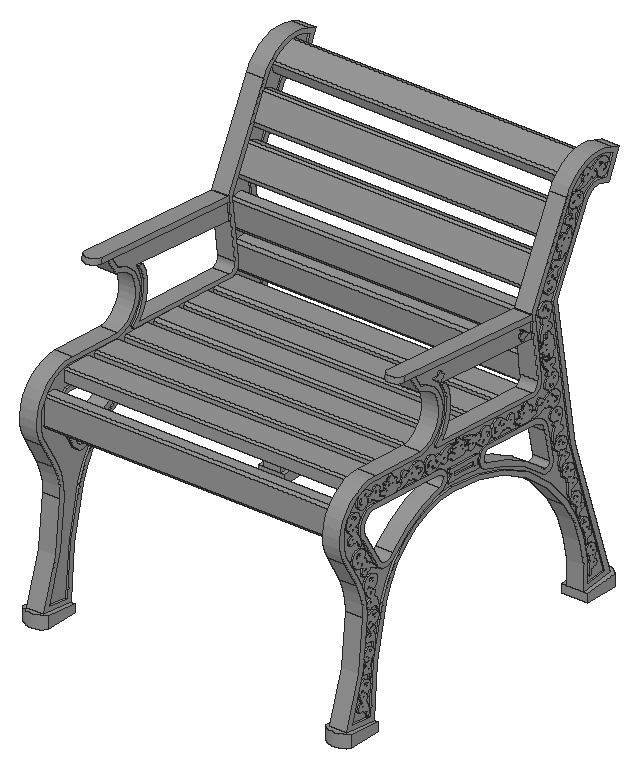
Revit family "Скамейка чугунная «Ретро стиль»", category Мебель, Revit 2017 (continued)
Definition of nested family "Опора"
  Forms (mm)
    Extrusion 7, solid, material <- "Материал"
      sketch origin (0, 0, 0) x (0, 1, 0) y (0, 0, 1)
        loop
          spline (-368.822, 241.557) -> (-368.698, 242.096) -> (-368.538, 242.623) -> (-368.342, 243.135) -> (-368.112, 243.63) -> (-367.848, 244.106) -> (-367.553, 244.559) -> (-367.227, 244.986) -> (-366.872, 245.387) -> (-366.492, 245.758) -> (-366.086, 246.098) -> (-365.658, 246.405) -> (-365.21, 246.677)
          spline (-365.21, 246.677) -> (-364.389, 247.226) -> (-363.66, 247.907) -> (-363.04, 248.704) -> (-362.546, 249.598) -> (-362.188, 250.566) -> (-361.977, 251.584) -> (-361.917, 252.627) -> (-362.009, 253.669) -> (-362.252, 254.685) -> (-362.64, 255.65) -> (-363.162, 256.539) -> (-363.806, 257.33)
          spline (-363.806, 257.33) -> (-362.718, 258.496) -> (-361.425, 259.389) -> (-359.984, 259.969) -> (-358.459, 260.21) -> (-356.916, 260.103) -> (-355.424, 259.652) -> (-354.049, 258.876) -> (-352.851, 257.811) -> (-351.883, 256.502) -> (-351.188, 255.008) -> (-350.796, 253.394) -> (-350.725, 251.732)
          spline (-350.725, 251.732) -> (-350.936, 250.8) -> (-351.437, 250.011) -> (-352.166, 249.465) -> (-353.029, 249.23) -> (-353.918, 249.338) -> (-354.72, 249.773) -> (-355.332, 250.481) -> (-355.678, 251.373) -> (-355.713, 252.334) -> (-355.433, 253.243) -> (-354.873, 253.986) -> (-354.105, 254.466)
          spline (-354.105, 254.466) -> (-355.359, 254.5) -> (-356.593, 254.278) -> (-357.764, 253.808) -> (-358.828, 253.108) -> (-359.748, 252.203) -> (-360.49, 251.126) -> (-361.029, 249.914) -> (-361.344, 248.611) -> (-361.424, 247.266) -> (-361.267, 245.924) -> (-360.878, 244.636) -> (-360.271, 243.447)
          spline (-360.271, 243.447) -> (-359.515, 242.408) -> (-358.634, 241.489) -> (-357.645, 240.709) -> (-356.567, 240.081) -> (-355.421, 239.618) -> (-354.228, 239.329) -> (-353.012, 239.219) -> (-351.796, 239.291) -> (-350.603, 239.543) -> (-349.455, 239.97) -> (-348.375, 240.564) -> (-347.383, 241.313)
          spline (-347.383, 241.313) -> (-346.218, 242.492) -> (-345.224, 243.841) -> (-344.421, 245.33) -> (-343.825, 246.931) -> (-343.449, 248.609) -> (-343.301, 250.332) -> (-343.382, 252.062) -> (-343.693, 253.765) -> (-344.226, 255.406) -> (-344.971, 256.951) -> (-345.911, 258.368) -> (-347.029, 259.628)
          spline (-347.029, 259.628) -> (-348.724, 261.075) -> (-350.584, 262.262) -> (-352.574, 263.168) -> (-354.657, 263.774) -> (-356.793, 264.07) -> (-358.944, 264.05) -> (-361.068, 263.715) -> (-363.126, 263.071) -> (-365.081, 262.13) -> (-366.894, 260.909) -> (-368.533, 259.432) -> (-369.967, 257.725)
        loop
          spline (-341.64, 194.466) -> (-342.744, 196.12) -> (-344.052, 197.591) -> (-345.541, 198.851) -> (-347.181, 199.878) -> (-348.943, 200.651) -> (-350.794, 201.156) -> (-352.698, 201.384) -> (-354.622, 201.332) -> (-356.528, 200.998) -> (-358.381, 200.391) -> (-360.147, 199.521) -> (-361.792, 198.404)
          spline (-361.792, 198.404) -> (-362.921, 197.422) -> (-363.951, 196.323) -> (-364.872, 195.117) -> (-365.674, 193.819) -> (-366.348, 192.443) -> (-366.887, 191.003) -> (-367.284, 189.515) -> (-367.536, 187.994) -> (-367.639, 186.459) -> (-367.593, 184.925) -> (-367.399, 183.409) -> (-367.057, 181.927)
          spline (-367.057, 181.927) -> (-366.616, 180.443) -> (-366.139, 178.973) -> (-365.625, 177.518) -> (-365.076, 176.078) -> (-364.491, 174.656) -> (-363.872, 173.252) -> (-363.218, 171.867) -> (-362.529, 170.501) -> (-361.808, 169.157) -> (-361.052, 167.834) -> (-360.265, 166.533) -> (-359.445, 165.257)
          spline (-359.445, 165.257) -> (-360.29, 165.534) -> (-361.161, 165.704) -> (-362.049, 165.764) -> (-362.939, 165.713) -> (-363.821, 165.552) -> (-364.682, 165.283) -> (-365.512, 164.909) -> (-366.297, 164.436) -> (-367.029, 163.87) -> (-367.697, 163.218) -> (-368.293, 162.49) -> (-368.807, 161.696)
          spline (-368.807, 161.696) -> (-369.387, 160.622) -> (-369.734, 159.444) -> (-369.831, 158.221) -> (-369.673, 157.012) -> (-369.268, 155.878) -> (-368.636, 154.876) -> (-367.809, 154.055) -> (-366.827, 153.457) -> (-365.74, 153.11) -> (-364.601, 153.032) -> (-363.467, 153.228) -> (-362.395, 153.686)
          spline (-362.395, 153.686) -> (-362.094, 154.366) -> (-361.893, 155.084) -> (-361.796, 155.824) -> (-361.807, 156.568) -> (-361.925, 157.298) -> (-362.146, 157.997) -> (-362.467, 158.648) -> (-362.878, 159.235) -> (-363.37, 159.745) -> (-363.933, 160.165) -> (-364.551, 160.486) -> (-365.211, 160.699)
          spline (-365.211, 160.699) -> (-364.532, 161.304) -> (-363.787, 161.808) -> (-362.989, 162.204) -> (-362.151, 162.484) -> (-361.289, 162.642) -> (-360.419, 162.677) -> (-359.555, 162.587) -> (-358.714, 162.374) -> (-357.909, 162.042) -> (-357.156, 161.597) -> (-356.468, 161.047) -> (-355.857, 160.401)
          spline (-355.857, 160.401) -> (-357.029, 160.345) -> (-358.155, 159.965) -> (-359.16, 159.288) -> (-359.975, 158.361) -> (-360.543, 157.246) -> (-360.827, 156.019) -> (-360.807, 154.764) -> (-360.484, 153.567) -> (-359.881, 152.509) -> (-359.038, 151.662) -> (-358.013, 151.084) -> (-356.876, 150.814)
          spline (-356.876, 150.814) -> (-356.978, 151.154) -> (-356.998, 151.514) -> (-356.933, 151.869) -> (-356.788, 152.199) -> (-356.572, 152.482) -> (-356.299, 152.7) -> (-355.986, 152.841) -> (-355.652, 152.894) -> (-355.319, 152.858) -> (-355.006, 152.733) -> (-354.735, 152.528) -> (-354.522, 152.256)
          spline (-354.522, 152.256) -> (-353.955, 151.132) -> (-353.432, 149.984) -> (-352.955, 148.811) -> (-352.524, 147.618) -> (-352.14, 146.404) -> (-351.804, 145.173) -> (-351.517, 143.927) -> (-351.278, 142.668) -> (-351.088, 141.398) -> (-350.948, 140.118) -> (-350.857, 138.833) -> (-350.817, 137.542)
          line (-350.817, 137.542) -> (-350.01, 137.2)
          spline (-350.01, 137.2) -> (-349.172, 139.732) -> (-348.528, 142.323) -> (-348.082, 144.956) -> (-347.836, 147.613) -> (-347.794, 150.276) -> (-347.954, 152.928) -> (-348.316, 155.551) -> (-348.877, 158.128) -> (-349.634, 160.641) -> (-350.581, 163.074) -> (-351.713, 165.41) -> (-353.021, 167.634)
          spline (-353.021, 167.634) -> (-353.101, 168.001) -> (-353.082, 168.381) -> (-352.967, 168.743) -> (-352.765, 169.06) -> (-352.49, 169.308) -> (-352.165, 169.467) -> (-351.814, 169.526) -> (-351.464, 169.479) -> (-351.142, 169.331) -> (-350.873, 169.093) -> (-350.678, 168.783) -> (-350.571, 168.424)
          spline (-350.571, 168.424) -> (-349.779, 169.255) -> (-349.244, 170.291) -> (-349.014, 171.442) -> (-349.107, 172.605) -> (-349.517, 173.678) -> (-350.207, 174.565) -> (-351.115, 175.187) -> (-352.162, 175.491) -> (-353.254, 175.448) -> (-354.295, 175.063) -> (-355.193, 174.369) -> (-355.869, 173.429)
          spline (-355.869, 173.429) -> (-356.289, 172.821) -> (-356.838, 172.344) -> (-357.478, 172.032) -> (-358.168, 171.904) -> (-358.86, 171.97) -> (-359.508, 172.225) -> (-360.068, 172.652) -> (-360.503, 173.223) -> (-360.783, 173.898) -> (-360.889, 174.632) -> (-360.815, 175.377) -> (-360.566, 176.081)
          spline (-360.566, 176.081) -> (-360.318, 176.49) -> (-360.01, 176.849) -> (-359.65, 177.148) -> (-359.249, 177.377) -> (-358.82, 177.53) -> (-358.374, 177.602) -> (-357.925, 177.591) -> (-357.487, 177.497) -> (-357.073, 177.324) -> (-356.695, 177.075) -> (-356.365, 176.759) -> (-356.091, 176.386)
          line (-356.091, 176.386) -> (-355.452, 177.077)
          spline (-355.452, 177.077) -> (-355.436, 178.055) -> (-355.584, 179.016) -> (-355.891, 179.927) -> (-356.347, 180.761) -> (-356.937, 181.489) -> (-357.642, 182.089) -> (-358.44, 182.54) -> (-359.304, 182.828) -> (-360.207, 182.944) -> (-361.119, 182.885) -> (-362.011, 182.651) -> (-362.854, 182.251)
          spline (-362.854, 182.251) -> (-363.132, 182.125) -> (-363.426, 182.064) -> (-363.724, 182.071) -> (-364.012, 182.145) -> (-364.277, 182.283) -> (-364.507, 182.479) -> (-364.692, 182.724) -> (-364.824, 183.007) -> (-364.896, 183.315) -> (-364.905, 183.634) -> (-364.851, 183.949) -> (-364.736, 184.248)
          spline (-364.736, 184.248) -> (-364.499, 184.68) -> (-364.233, 185.094) -> (-363.941, 185.486) -> (-363.623, 185.855) -> (-363.281, 186.199) -> (-362.917, 186.516) -> (-362.534, 186.804) -> (-362.132, 187.062) -> (-361.715, 187.288) -> (-361.285, 187.481) -> (-360.843, 187.641) -> (-360.392, 187.765)
          spline (-360.392, 187.765) -> (-359.554, 188.037) -> (-358.763, 188.445) -> (-358.037, 188.979) -> (-357.396, 189.626) -> (-356.854, 190.37) -> (-356.425, 191.192) -> (-356.12, 192.073) -> (-355.946, 192.99) -> (-355.908, 193.921) -> (-356.006, 194.843) -> (-356.239, 195.733) -> (-356.599, 196.569)
          spline (-356.599, 196.569) -> (-355.382, 197.305) -> (-354.056, 197.757) -> (-352.678, 197.905) -> (-351.31, 197.742) -> (-350.012, 197.275) -> (-348.841, 196.526) -> (-347.849, 195.526) -> (-347.079, 194.32) -> (-346.566, 192.962) -> (-346.333, 191.51) -> (-346.388, 190.03) -> (-346.731, 188.586)
          spline (-346.731, 188.586) -> (-347.138, 187.838) -> (-347.76, 187.282) -> (-348.518, 186.99) -> (-349.316, 186.999) -> (-350.053, 187.307) -> (-350.636, 187.875) -> (-350.989, 188.632) -> (-351.069, 189.481) -> (-350.866, 190.314) -> (-350.405, 191.027) -> (-349.744, 191.528) -> (-348.968, 191.754)
          spline (-348.968, 191.754) -> (-350.036, 192.087) -> (-351.15, 192.197) -> (-352.268, 192.078) -> (-353.352, 191.736) -> (-354.361, 191.182) -> (-355.26, 190.438) -> (-356.017, 189.528) -> (-356.604, 188.487) -> (-357, 187.351) -> (-357.191, 186.162) -> (-357.17, 184.961) -> (-356.937, 183.793)
          spline (-356.937, 183.793) -> (-356.54, 182.718) -> (-356.007, 181.715) -> (-355.348, 180.805) -> (-354.575, 180.004) -> (-353.704, 179.329) -> (-352.751, 178.791) -> (-351.734, 178.401) -> (-350.672, 178.168) -> (-349.586, 178.094) -> (-348.497, 178.181) -> (-347.426, 178.429) -> (-346.392, 178.831)
          spline (-346.392, 178.831) -> (-345.106, 179.56) -> (-343.926, 180.476) -> (-342.874, 181.56) -> (-341.974, 182.789) -> (-341.244, 184.139) -> (-340.698, 185.581) -> (-340.348, 187.086) -> (-340.201, 188.623) -> (-340.26, 190.161) -> (-340.524, 191.668) -> (-340.987, 193.113) -> (-341.64, 194.466)
        loop
          spline (-351.75, 137.136) -> (-352.649, 138.535) -> (-353.721, 139.784) -> (-354.948, 140.86) -> (-356.305, 141.742) -> (-357.767, 142.415) -> (-359.307, 142.864) -> (-360.897, 143.083) -> (-362.506, 143.067) -> (-364.105, 142.816) -> (-365.664, 142.335) -> (-367.154, 141.633) -> (-368.546, 140.723)
          spline (-368.546, 140.723) -> (-369.504, 139.919) -> (-370.382, 139.014) -> (-371.17, 138.02) -> (-371.86, 136.946) -> (-372.444, 135.804) -> (-372.915, 134.608) -> (-373.269, 133.369) -> (-373.502, 132.101) -> (-373.611, 130.819) -> (-373.595, 129.535) -> (-373.454, 128.264) -> (-373.19, 127.02)
          spline (-373.19, 127.02) -> (-372.843, 125.772) -> (-372.465, 124.535) -> (-372.057, 123.311) -> (-371.619, 122.099) -> (-371.15, 120.901) -> (-370.653, 119.718) -> (-370.126, 118.55) -> (-369.57, 117.398) -> (-368.986, 116.263) -> (-368.374, 115.145) -> (-367.734, 114.046) -> (-367.067, 112.966)
          spline (-367.067, 112.966) -> (-367.769, 113.211) -> (-368.496, 113.366) -> (-369.237, 113.429) -> (-369.983, 113.399) -> (-370.723, 113.277) -> (-371.447, 113.065) -> (-372.146, 112.764) -> (-372.81, 112.38) -> (-373.43, 111.917) -> (-373.999, 111.382) -> (-374.507, 110.782) -> (-374.949, 110.125)
          spline (-374.949, 110.125) -> (-375.449, 109.235) -> (-375.757, 108.255) -> (-375.856, 107.233) -> (-375.742, 106.22) -> (-375.42, 105.266) -> (-374.906, 104.419) -> (-374.226, 103.72) -> (-373.413, 103.205) -> (-372.509, 102.899) -> (-371.557, 102.818) -> (-370.606, 102.965) -> (-369.703, 103.333)
          spline (-369.703, 103.333) -> (-369.441, 103.897) -> (-369.263, 104.495) -> (-369.171, 105.112) -> (-369.169, 105.734) -> (-369.257, 106.347) -> (-369.432, 106.934) -> (-369.691, 107.483) -> (-370.026, 107.98) -> (-370.431, 108.414) -> (-370.895, 108.774) -> (-371.407, 109.051) -> (-371.956, 109.239)
          spline (-371.956, 109.239) -> (-371.379, 109.735) -> (-370.749, 110.146) -> (-370.075, 110.465) -> (-369.371, 110.687) -> (-368.648, 110.807) -> (-367.919, 110.823) -> (-367.198, 110.735) -> (-366.497, 110.545) -> (-365.829, 110.256) -> (-365.206, 109.873) -> (-364.639, 109.402) -> (-364.137, 108.853)
          spline (-364.137, 108.853) -> (-365.118, 108.823) -> (-366.066, 108.522) -> (-366.916, 107.971) -> (-367.611, 107.207) -> (-368.102, 106.283) -> (-368.358, 105.261) -> (-368.359, 104.211) -> (-368.107, 103.205) -> (-367.617, 102.311) -> (-366.925, 101.591) -> (-366.076, 101.092) -> (-365.129, 100.85)
          spline (-365.129, 100.85) -> (-365.21, 101.136) -> (-365.221, 101.437) -> (-365.161, 101.733) -> (-365.036, 102.007) -> (-364.851, 102.24) -> (-364.619, 102.419) -> (-364.355, 102.532) -> (-364.075, 102.572) -> (-363.797, 102.536) -> (-363.538, 102.427) -> (-363.314, 102.252) -> (-363.139, 102.021)
          spline (-363.139, 102.021) -> (-362.828, 101.387) -> (-362.533, 100.743) -> (-362.255, 100.09) -> (-361.994, 99.429) -> (-361.752, 98.759) -> (-361.526, 98.082) -> (-361.319, 97.398) -> (-361.13, 96.707) -> (-360.959, 96.01) -> (-360.806, 95.308) -> (-360.672, 94.601) -> (-360.556, 93.89)
          arc (-360.556, 93.89) -> (-360.387, 91.803) -> (-360.469, 89.712) r 16.757
          line (-360.469, 89.712) -> (-359.585, 89.364)
          spline (-359.585, 89.364) -> (-358.848, 91.469) -> (-358.271, 93.627) -> (-357.86, 95.822) -> (-357.616, 98.04) -> (-357.541, 100.267) -> (-357.636, 102.488) -> (-357.901, 104.687) -> (-358.333, 106.85) -> (-358.929, 108.963) -> (-359.686, 111.011) -> (-360.598, 112.982) -> (-361.66, 114.861)
          spline (-361.66, 114.861) -> (-361.721, 115.169) -> (-361.7, 115.486) -> (-361.598, 115.787) -> (-361.424, 116.05) -> (-361.191, 116.253) -> (-360.917, 116.382) -> (-360.622, 116.426) -> (-360.33, 116.382) -> (-360.063, 116.253) -> (-359.842, 116.05) -> (-359.683, 115.787) -> (-359.599, 115.486)
          spline (-359.599, 115.486) -> (-358.925, 116.169) -> (-358.462, 117.028) -> (-358.252, 117.987) -> (-358.314, 118.962) -> (-358.641, 119.865) -> (-359.205, 120.616) -> (-359.955, 121.15) -> (-360.826, 121.419) -> (-361.74, 121.399) -> (-362.617, 121.093) -> (-363.378, 120.526) -> (-363.957, 119.749)
          spline (-363.957, 119.749) -> (-364.317, 119.246) -> (-364.783, 118.856) -> (-365.323, 118.604) -> (-365.902, 118.508) -> (-366.48, 118.573) -> (-367.018, 118.796) -> (-367.48, 119.161) -> (-367.835, 119.644) -> (-368.06, 120.213) -> (-368.138, 120.829) -> (-368.065, 121.45) -> (-367.846, 122.036)
          spline (-367.846, 122.036) -> (-367.633, 122.374) -> (-367.37, 122.67) -> (-367.065, 122.915) -> (-366.726, 123.1) -> (-366.365, 123.222) -> (-365.991, 123.276) -> (-365.616, 123.26) -> (-365.251, 123.175) -> (-364.907, 123.024) -> (-364.595, 122.811) -> (-364.323, 122.542) -> (-364.1, 122.225)
          line (-364.1, 122.225) -> (-363.555, 122.794)
          spline (-363.555, 122.794) -> (-363.528, 123.612) -> (-363.637, 124.417) -> (-363.88, 125.184) -> (-364.249, 125.888) -> (-364.732, 126.506) -> (-365.313, 127.017) -> (-365.974, 127.406) -> (-366.693, 127.66) -> (-367.446, 127.771) -> (-368.21, 127.734) -> (-368.959, 127.552) -> (-369.67, 127.229)
          spline (-369.67, 127.229) -> (-369.904, 127.128) -> (-370.151, 127.081) -> (-370.4, 127.091) -> (-370.64, 127.158) -> (-370.86, 127.277) -> (-371.049, 127.444) -> (-371.201, 127.652) -> (-371.306, 127.89) -> (-371.362, 128.149) -> (-371.365, 128.416) -> (-371.315, 128.679) -> (-371.215, 128.927)
          spline (-371.215, 128.927) -> (-371.01, 129.285) -> (-370.782, 129.627) -> (-370.532, 129.951) -> (-370.26, 130.255) -> (-369.97, 130.538) -> (-369.661, 130.797) -> (-369.336, 131.033) -> (-368.996, 131.242) -> (-368.644, 131.426) -> (-368.281, 131.581) -> (-367.909, 131.708) -> (-367.531, 131.805)
          spline (-367.531, 131.805) -> (-366.826, 132.02) -> (-366.158, 132.35) -> (-365.543, 132.786) -> (-364.997, 133.317) -> (-364.533, 133.932) -> (-364.163, 134.613) -> (-363.895, 135.346) -> (-363.736, 136.11) -> (-363.69, 136.888) -> (-363.759, 137.661) -> (-363.941, 138.408) -> (-364.23, 139.113)
          spline (-364.23, 139.113) -> (-363.201, 139.711) -> (-362.085, 140.07) -> (-360.931, 140.173) -> (-359.789, 140.017) -> (-358.71, 139.607) -> (-357.742, 138.963) -> (-356.927, 138.113) -> (-356.301, 137.093) -> (-355.892, 135.949) -> (-355.717, 134.732) -> (-355.785, 133.495) -> (-356.093, 132.292)
          spline (-356.093, 132.292) -> (-356.444, 131.672) -> (-356.973, 131.217) -> (-357.611, 130.984) -> (-358.279, 131.002) -> (-358.891, 131.271) -> (-359.369, 131.755) -> (-359.654, 132.393) -> (-359.709, 133.104) -> (-359.526, 133.798) -> (-359.13, 134.387) -> (-358.57, 134.797) -> (-357.918, 134.975)
          spline (-357.918, 134.975) -> (-358.807, 135.269) -> (-359.736, 135.376) -> (-360.673, 135.293) -> (-361.584, 135.023) -> (-362.437, 134.575) -> (-363.2, 133.965) -> (-363.846, 133.216) -> (-364.352, 132.353) -> (-364.699, 131.409) -> (-364.876, 130.417) -> (-364.876, 129.413) -> (-364.699, 128.433)
          spline (-364.699, 128.433) -> (-364.383, 127.527) -> (-363.952, 126.681) -> (-363.414, 125.91) -> (-362.779, 125.229) -> (-362.06, 124.652) -> (-361.271, 124.188) -> (-360.426, 123.847) -> (-359.541, 123.636) -> (-358.634, 123.559) -> (-357.722, 123.616) -> (-356.823, 123.807) -> (-355.952, 124.129)
          spline (-355.952, 124.129) -> (-354.866, 124.72) -> (-353.865, 125.469) -> (-352.97, 126.36) -> (-352.2, 127.374) -> (-351.569, 128.492) -> (-351.091, 129.691) -> (-350.777, 130.944) -> (-350.631, 132.228) -> (-350.658, 133.515) -> (-350.857, 134.779) -> (-351.223, 135.994) -> (-351.75, 137.136)
        loop
          spline (-360.744, 86.642) -> (-361.946, 88.245) -> (-363.337, 89.645) -> (-364.89, 90.814) -> (-366.578, 91.732) -> (-368.368, 92.382) -> (-370.227, 92.75) -> (-372.121, 92.83) -> (-374.013, 92.622) -> (-375.87, 92.127) -> (-377.655, 91.357) -> (-379.337, 90.325) -> (-380.882, 89.05)
          spline (-380.882, 89.05) -> (-381.928, 87.955) -> (-382.869, 86.747) -> (-383.695, 85.44) -> (-384.396, 84.048) -> (-384.966, 82.586) -> (-385.399, 81.069) -> (-385.688, 79.515) -> (-385.833, 77.939) -> (-385.83, 76.36) -> (-385.679, 74.794) -> (-385.384, 73.259) -> (-384.945, 71.77)
          spline (-384.945, 71.77) -> (-384.409, 70.288) -> (-383.838, 68.822) -> (-383.232, 67.375) -> (-382.592, 65.947) -> (-381.918, 64.539) -> (-381.211, 63.152) -> (-380.471, 61.788) -> (-379.699, 60.446) -> (-378.895, 59.129) -> (-378.06, 57.836) -> (-377.195, 56.569) -> (-376.299, 55.329)
          spline (-376.299, 55.329) -> (-377.151, 55.545) -> (-378.022, 55.649) -> (-378.901, 55.639) -> (-379.775, 55.515) -> (-380.634, 55.279) -> (-381.465, 54.934) -> (-382.257, 54.485) -> (-382.999, 53.938) -> (-383.682, 53.3) -> (-384.296, 52.58) -> (-384.833, 51.788) -> (-385.286, 50.933)
          spline (-385.286, 50.933) -> (-385.784, 49.788) -> (-386.046, 48.556) -> (-386.057, 47.296) -> (-385.819, 46.072) -> (-385.342, 44.945) -> (-384.65, 43.971) -> (-383.778, 43.198) -> (-382.769, 42.664) -> (-381.674, 42.397) -> (-380.545, 42.409) -> (-379.441, 42.7) -> (-378.415, 43.255)
          spline (-378.415, 43.255) -> (-378.165, 43.975) -> (-378.016, 44.726) -> (-377.972, 45.491) -> (-378.033, 46.251) -> (-378.199, 46.988) -> (-378.465, 47.685) -> (-378.826, 48.325) -> (-379.271, 48.893) -> (-379.792, 49.375) -> (-380.375, 49.759) -> (-381.006, 50.038) -> (-381.671, 50.203)
          spline (-381.671, 50.203) -> (-381.044, 50.876) -> (-380.344, 51.452) -> (-379.584, 51.921) -> (-378.777, 52.275) -> (-377.939, 52.506) -> (-377.083, 52.612) -> (-376.225, 52.589) -> (-375.381, 52.439) -> (-374.565, 52.164) -> (-373.792, 51.77) -> (-373.076, 51.262) -> (-372.429, 50.651)
          spline (-372.429, 50.651) -> (-373.58, 50.498) -> (-374.665, 50.019) -> (-375.61, 49.246) -> (-376.349, 48.232) -> (-376.833, 47.045) -> (-377.029, 45.768) -> (-376.923, 44.486) -> (-376.523, 43.287) -> (-375.856, 42.253) -> (-374.967, 41.454) -> (-373.917, 40.945) -> (-372.777, 40.761)
          spline (-372.777, 40.761) -> (-372.901, 41.101) -> (-372.945, 41.467) -> (-372.906, 41.836) -> (-372.785, 42.184) -> (-372.592, 42.491) -> (-372.338, 42.737) -> (-372.039, 42.906) -> (-371.713, 42.987) -> (-371.382, 42.977) -> (-371.065, 42.874) -> (-370.784, 42.686) -> (-370.555, 42.425)
          spline (-370.555, 42.425) -> (-369.919, 41.321) -> (-369.325, 40.188) -> (-368.774, 39.027) -> (-368.268, 37.841) -> (-367.806, 36.63) -> (-367.391, 35.398) -> (-367.022, 34.146) -> (-366.7, 32.877) -> (-366.426, 31.593) -> (-366.2, 30.296) -> (-366.023, 28.988) -> (-365.895, 27.671)
          line (-365.895, 27.671) -> (-365.076, 27.386)
          spline (-365.076, 27.386) -> (-364.423, 30.044) -> (-363.965, 32.746) -> (-363.706, 35.475) -> (-363.646, 38.213) -> (-363.786, 40.941) -> (-364.125, 43.641) -> (-364.662, 46.295) -> (-365.391, 48.886) -> (-366.31, 51.396) -> (-367.41, 53.809) -> (-368.686, 56.108) -> (-370.128, 58.278)
          spline (-370.128, 58.278) -> (-370.232, 58.647) -> (-370.239, 59.036) -> (-370.151, 59.416) -> (-369.973, 59.757) -> (-369.719, 60.033) -> (-369.41, 60.222) -> (-369.067, 60.31) -> (-368.719, 60.291) -> (-368.392, 60.165) -> (-368.11, 59.943) -> (-367.896, 59.641) -> (-367.766, 59.283)
          spline (-367.766, 59.283) -> (-367.043, 60.196) -> (-366.587, 61.3) -> (-366.438, 62.496) -> (-366.61, 63.678) -> (-367.087, 64.742) -> (-367.828, 65.594) -> (-368.766, 66.158) -> (-369.819, 66.384) -> (-370.893, 66.253) -> (-371.893, 65.775) -> (-372.731, 64.993) -> (-373.332, 63.977)
          spline (-373.332, 63.977) -> (-373.705, 63.321) -> (-374.213, 62.789) -> (-374.824, 62.418) -> (-375.495, 62.232) -> (-376.182, 62.244) -> (-376.838, 62.453) -> (-377.42, 62.845) -> (-377.887, 63.393) -> (-378.21, 64.061) -> (-378.365, 64.804) -> (-378.343, 65.571) -> (-378.145, 66.312)
          spline (-378.145, 66.312) -> (-377.929, 66.75) -> (-377.65, 67.143) -> (-377.315, 67.477) -> (-376.936, 67.744) -> (-376.523, 67.935) -> (-376.088, 68.044) -> (-375.645, 68.069) -> (-375.207, 68.009) -> (-374.787, 67.864) -> (-374.397, 67.64) -> (-374.05, 67.344) -> (-373.755, 66.984)
          line (-373.755, 66.984) -> (-373.172, 67.742)
          spline (-373.172, 67.742) -> (-373.223, 68.744) -> (-373.434, 69.715) -> (-373.799, 70.623) -> (-374.306, 71.439) -> (-374.937, 72.137) -> (-375.674, 72.693) -> (-376.491, 73.09) -> (-377.363, 73.316) -> (-378.261, 73.362) -> (-379.156, 73.228) -> (-380.02, 72.917) -> (-380.824, 72.44)
          spline (-380.824, 72.44) -> (-381.089, 72.289) -> (-381.375, 72.203) -> (-381.669, 72.186) -> (-381.958, 72.238) -> (-382.229, 72.359) -> (-382.469, 72.54) -> (-382.669, 72.776) -> (-382.818, 73.055) -> (-382.91, 73.364) -> (-382.94, 73.69) -> (-382.909, 74.017) -> (-382.816, 74.331)
          spline (-382.816, 74.331) -> (-382.612, 74.793) -> (-382.378, 75.237) -> (-382.117, 75.662) -> (-381.828, 76.065) -> (-381.515, 76.445) -> (-381.178, 76.798) -> (-380.82, 77.124) -> (-380.442, 77.42) -> (-380.046, 77.685) -> (-379.634, 77.917) -> (-379.21, 78.116) -> (-378.774, 78.279)
          spline (-378.774, 78.279) -> (-377.966, 78.624) -> (-377.214, 79.105) -> (-376.535, 79.71) -> (-375.947, 80.423) -> (-375.464, 81.228) -> (-375.097, 82.104) -> (-374.857, 83.029) -> (-374.748, 83.982) -> (-374.774, 84.937) -> (-374.934, 85.872) -> (-375.224, 86.764) -> (-375.637, 87.59)
          spline (-375.637, 87.59) -> (-374.488, 88.441) -> (-373.211, 89.011) -> (-371.862, 89.273) -> (-370.502, 89.216) -> (-369.19, 88.843) -> (-367.985, 88.17) -> (-366.938, 87.227) -> (-366.097, 86.055) -> (-365.498, 84.707) -> (-365.168, 83.241) -> (-365.122, 81.722) -> (-365.361, 80.218)
          spline (-365.361, 80.218) -> (-365.711, 79.419) -> (-366.286, 78.801) -> (-367.014, 78.441) -> (-367.801, 78.386) -> (-368.549, 78.641) -> (-369.162, 79.176) -> (-369.563, 79.922) -> (-369.7, 80.784) -> (-369.556, 81.653) -> (-369.15, 82.419) -> (-368.533, 82.985) -> (-367.784, 83.279)
          spline (-367.784, 83.279) -> (-368.86, 83.533) -> (-369.965, 83.556) -> (-371.059, 83.344) -> (-372.104, 82.907) -> (-373.062, 82.26) -> (-373.897, 81.426) -> (-374.581, 80.434) -> (-375.088, 79.322) -> (-375.401, 78.128) -> (-375.508, 76.896) -> (-375.405, 75.67) -> (-375.096, 74.494)
          spline (-375.096, 74.494) -> (-374.631, 73.425) -> (-374.036, 72.442) -> (-373.324, 71.564) -> (-372.508, 70.807) -> (-371.602, 70.186) -> (-370.625, 69.713) -> (-369.596, 69.396) -> (-368.533, 69.242) -> (-367.458, 69.254) -> (-366.39, 69.431) -> (-365.351, 69.771) -> (-364.359, 70.266)
          spline (-364.359, 70.266) -> (-363.141, 71.115) -> (-362.04, 72.147) -> (-361.078, 73.34) -> (-360.274, 74.67) -> (-359.647, 76.109) -> (-359.207, 77.628) -> (-358.965, 79.196) -> (-358.925, 80.781) -> (-359.089, 82.349) -> (-359.452, 83.869) -> (-360.008, 85.31) -> (-360.744, 86.642)
        loop
          line (4.438, 359.672) -> (16.965, 358.861) -> (17.578, 360.613)
          arc (17.578, 360.613) -> (20.886, 363.7) -> (25.382, 364.202) r 7.195
          arc (25.382, 364.202) -> (28.167, 366.703) -> (26.177, 369.874) r 2.906
          arc (26.177, 369.874) -> (17.388, 369.879) -> (11.247, 363.591) r 11.314
          line (11.247, 363.591) -> (11.735, 367.07)
          arc (11.735, 367.07) -> (16.166, 370.294) -> (18.958, 375.008) r 13.557
          arc (18.958, 375.008) -> (17.776, 378.177) -> (20.17, 380.567) r 3.125
          arc (20.17, 380.567) -> (17.494, 382.17) -> (14.393, 381.826) r 4.884
          arc (14.393, 381.826) -> (13.258, 380.131) -> (11.76, 378.747) r 8.695
          arc (11.76, 378.747) -> (12.482, 378.119) -> (13.175, 377.459) r 20.344
          arc (13.175, 377.459) -> (11.5, 374.807) -> (8.586, 373.649) r 5.065
          line (8.586, 373.649) -> (8.844, 377.644)
          arc (8.844, 377.644) -> (11.665, 380.982) -> (12.853, 385.187) r 10.327
          line (12.853, 385.187) -> (12.189, 386.235)
          arc (12.189, 386.235) -> (11.158, 384.302) -> (9.01, 383.866) r 2.571
          line (9.01, 383.866) -> (9.853, 387.616) -> (8.173, 386.949) -> (8.92, 388.679) -> (6.665, 394.106) -> (3.729, 389.014) -> (4.247, 387.203) -> (2.667, 388.081) -> (3.02, 384.254)
          arc (3.02, 384.254) -> (0.946, 384.962) -> (0.173, 387.013) r 2.571
          line (0.173, 387.013) -> (-0.621, 386.059)
          arc (-0.621, 386.059) -> (0.016, 381.735) -> (2.383, 378.062) r 10.327
          line (2.383, 378.062) -> (2.125, 374.067)
          arc (2.125, 374.067) -> (-0.616, 375.59) -> (-1.935, 378.436) r 5.065
          arc (-1.935, 378.436) -> (-1.163, 379.002) -> (-0.366, 379.531) r 20.344
          arc (-0.366, 379.531) -> (-1.674, 381.096) -> (-2.581, 382.924) r 8.695
          arc (-2.581, 382.924) -> (-5.611, 383.664) -> (-8.472, 382.419) r 4.884
          arc (-8.472, 382.419) -> (-6.405, 379.741) -> (-7.986, 376.751) r 3.125
          arc (-7.986, 376.751) -> (-5.824, 371.716) -> (-1.846, 367.949) r 13.557
          line (-1.846, 367.949) -> (-1.81, 364.436)
          arc (-1.81, 364.436) -> (-7.09, 371.462) -> (-15.806, 372.589) r 11.314
          arc (-15.806, 372.589) -> (-18.188, 369.701) -> (-15.748, 366.862) r 2.906
          arc (-15.748, 366.862) -> (-11.354, 365.785) -> (-8.472, 362.297) r 7.195
          line (-8.472, 362.297) -> (-8.089, 360.482) -> (4.438, 359.672)
        loop
          line (-154.085, 370.772) -> (-141.558, 369.962) -> (-140.945, 371.713)
          arc (-140.945, 371.713) -> (-137.638, 374.8) -> (-133.141, 375.303) r 7.195
          arc (-133.141, 375.303) -> (-130.356, 377.804) -> (-132.346, 380.974) r 2.906
          arc (-132.346, 380.974) -> (-141.135, 380.979) -> (-147.276, 374.691) r 11.314
          line (-147.276, 374.691) -> (-146.788, 378.171)
          arc (-146.788, 378.171) -> (-142.358, 381.395) -> (-139.565, 386.109) r 13.557
          arc (-139.565, 386.109) -> (-140.748, 389.278) -> (-138.353, 391.667) r 3.125
          arc (-138.353, 391.667) -> (-141.03, 393.27) -> (-144.13, 392.927) r 4.884
          arc (-144.13, 392.927) -> (-145.265, 391.231) -> (-146.764, 389.847) r 8.695
          arc (-146.764, 389.847) -> (-146.041, 389.22) -> (-145.349, 388.559) r 20.344
          arc (-145.349, 388.559) -> (-147.023, 385.907) -> (-149.938, 384.749) r 5.065
          line (-149.938, 384.749) -> (-149.679, 388.745)
          arc (-149.679, 388.745) -> (-146.858, 392.082) -> (-145.67, 396.288) r 10.327
          line (-145.67, 396.288) -> (-146.334, 397.336)
          arc (-146.334, 397.336) -> (-147.366, 395.403) -> (-149.513, 394.967) r 2.571
          line (-149.513, 394.967) -> (-148.67, 398.716) -> (-150.35, 398.049) -> (-149.604, 399.779) -> (-151.859, 405.206) -> (-154.794, 400.115) -> (-154.277, 398.303) -> (-155.856, 399.181) -> (-155.504, 395.354)
          arc (-155.504, 395.354) -> (-157.577, 396.063) -> (-158.351, 398.113) r 2.571
          line (-158.351, 398.113) -> (-159.144, 397.159)
          arc (-159.144, 397.159) -> (-158.508, 392.835) -> (-156.14, 389.162) r 10.327
          line (-156.14, 389.162) -> (-156.398, 385.167)
          arc (-156.398, 385.167) -> (-159.14, 386.691) -> (-160.458, 389.536) r 5.065
          arc (-160.458, 389.536) -> (-159.687, 390.102) -> (-158.889, 390.631) r 20.344
          arc (-158.889, 390.631) -> (-160.197, 392.197) -> (-161.104, 394.024) r 8.695
          arc (-161.104, 394.024) -> (-164.135, 394.765) -> (-166.995, 393.519) r 4.884
          arc (-166.995, 393.519) -> (-164.929, 390.841) -> (-166.509, 387.851) r 3.125
          arc (-166.509, 387.851) -> (-164.347, 382.817) -> (-160.369, 379.049) r 13.557
          line (-160.369, 379.049) -> (-160.333, 375.536)
          arc (-160.333, 375.536) -> (-165.613, 382.562) -> (-174.33, 383.689) r 11.314
          arc (-174.33, 383.689) -> (-176.711, 380.801) -> (-174.272, 377.962) r 2.906
          arc (-174.272, 377.962) -> (-169.877, 376.885) -> (-166.995, 373.398) r 7.195
          line (-166.995, 373.398) -> (-166.612, 371.582) -> (-154.085, 370.772)
        loop
          line (-312.358, 378.127) -> (-299.831, 377.317) -> (-299.217, 379.068)
          arc (-299.217, 379.068) -> (-295.91, 382.155) -> (-291.414, 382.657) r 7.195
          arc (-291.414, 382.657) -> (-288.628, 385.158) -> (-290.619, 388.329) r 2.906
          arc (-290.619, 388.329) -> (-299.408, 388.334) -> (-305.548, 382.046) r 11.314
          line (-305.548, 382.046) -> (-305.061, 385.526)
          arc (-305.061, 385.526) -> (-300.63, 388.749) -> (-297.838, 393.464) r 13.557
          arc (-297.838, 393.464) -> (-299.02, 396.633) -> (-296.626, 399.022) r 3.125
          arc (-296.626, 399.022) -> (-299.302, 400.625) -> (-302.403, 400.281) r 4.884
          arc (-302.403, 400.281) -> (-303.537, 398.586) -> (-305.036, 397.202) r 8.695
          arc (-305.036, 397.202) -> (-304.313, 396.575) -> (-303.621, 395.914) r 20.344
          arc (-303.621, 395.914) -> (-305.295, 393.262) -> (-308.21, 392.104) r 5.065
          line (-308.21, 392.104) -> (-307.952, 396.099)
          arc (-307.952, 396.099) -> (-305.131, 399.437) -> (-303.943, 403.643) r 10.327
          line (-303.943, 403.643) -> (-304.607, 404.691)
          arc (-304.607, 404.691) -> (-305.638, 402.757) -> (-307.785, 402.322) r 2.571
          line (-307.785, 402.322) -> (-306.942, 406.071) -> (-308.622, 405.404) -> (-307.876, 407.134) -> (-310.131, 412.561) -> (-313.066, 407.469) -> (-312.549, 405.658) -> (-314.129, 406.536) -> (-313.776, 402.709)
          arc (-313.776, 402.709) -> (-315.849, 403.418) -> (-316.623, 405.468) r 2.571
          line (-316.623, 405.468) -> (-317.416, 404.514)
          arc (-317.416, 404.514) -> (-316.78, 400.19) -> (-314.412, 396.517) r 10.327
          line (-314.412, 396.517) -> (-314.671, 392.522)
          arc (-314.671, 392.522) -> (-317.412, 394.046) -> (-318.731, 396.891) r 5.065
          arc (-318.731, 396.891) -> (-317.959, 397.457) -> (-317.162, 397.986) r 20.344
          arc (-317.162, 397.986) -> (-318.469, 399.552) -> (-319.376, 401.379) r 8.695
          arc (-319.376, 401.379) -> (-322.407, 402.119) -> (-325.267, 400.874) r 4.884
          arc (-325.267, 400.874) -> (-323.201, 398.196) -> (-324.782, 395.206) r 3.125
          arc (-324.782, 395.206) -> (-322.619, 390.171) -> (-318.641, 386.404) r 13.557
          line (-318.641, 386.404) -> (-318.606, 382.891)
          arc (-318.606, 382.891) -> (-323.885, 389.917) -> (-332.602, 391.044) r 11.314
          arc (-332.602, 391.044) -> (-334.984, 388.156) -> (-332.544, 385.317) r 2.906
          arc (-332.544, 385.317) -> (-328.15, 384.24) -> (-325.267, 380.753) r 7.195
          line (-325.267, 380.753) -> (-324.885, 378.937) -> (-312.358, 378.127)
        loop
          arc (-197.337, 526.364) -> (-203.636, 527.086) -> (-209.71, 525.268) r 15.765
          arc (-209.71, 525.268) -> (-204.044, 522.423) -> (-197.715, 522.041) r 15.765
          arc (-197.715, 522.041) -> (-198.284, 517.188) -> (-193.729, 515.42) r 3.992
          arc (-193.729, 515.42) -> (-195.443, 517.42) -> (-193.729, 519.42) r 2.024
          line (-193.729, 519.42) -> (-188.686, 520.202) -> (-188.126, 526.607) -> (-192.956, 528.253)
          arc (-192.956, 528.253) -> (-194.297, 530.52) -> (-192.262, 532.192) r 2.024
          arc (-192.262, 532.192) -> (-197.054, 531.241) -> (-197.337, 526.364) r 3.992
      from 0 to 5
  Cuts and joins
    Extrusion 2, Extrusion 3 cuts Extrusion 1
    Extrusion 6 cuts Extrusion 5
  Dimensions and locks
    aligned and locked: level to plane 2
    aligned and locked: cut or joined group of Extrusion 1, Extrusion 2, Extrusion 3 to Extrusion 7
Types (4, lengths in mm): name | Стоимость | ADSK_Размер_Длина | ADSK_Наименование
  (no name) | 16861 | 600 | "Скамейка чугунная «Ретро стиль» Кресло"
  Скамейка чугунная «Ретро стиль» 1,5м | 17861 | 1500 | "Скамейка чугунная «Ретро стиль» 1,5м"
  Скамейка чугунная «Ретро стиль» 1,8м | 18882 | 1800 | "Скамейка чугунная «Ретро стиль» 1,8м"
  Скамейка чугунная «Ретро стиль» Кресло | 16861 | 600 | "Скамейка чугунная «Ретро стиль» Кресло"
